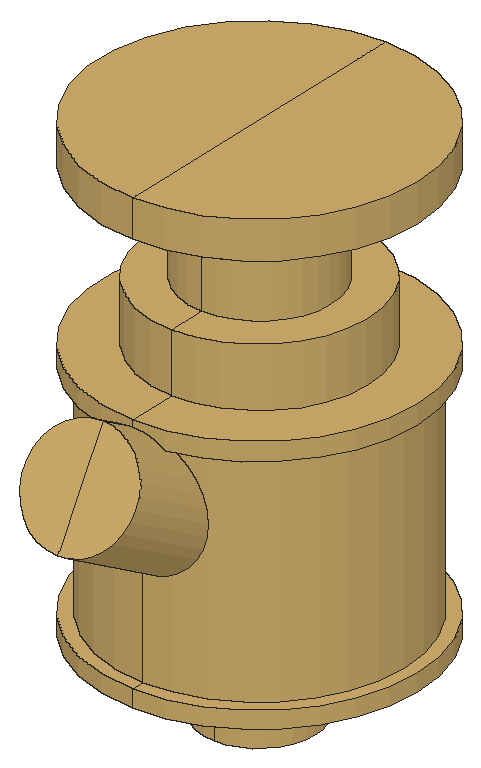
Revit family "Drain_Shutoffs-Boiler-WATTS-BD_Series", category Pipe Accessories, Revit 2019
Family settings
  Round Connector Dimension = Use Diameter
  Part Type = Valve - Breaks Into
  OmniClass Number = 23.65.55.14.17
  OmniClass Title = Adjusting/Controlling Valves for Liquid Services
  Work Plane-Based = No
  Always vertical = Yes
  Cut with Voids When Loaded = No
  Shared = Yes
Parameters (values of type "BD2 3/4"")
  Weight = "0.5lbs. (0.24kg.)"
  URL = "http://www.watts.com"
  Revised Date = "12/02/2024"  # constant formula
  Region = "North America"  # constant formula
  Product Page URL = "https://www.watts.com/products/plumbing-flow-control-solutions/hydronic-steam-heating/boiler-drains/bd"
  Product Documentation Link = "https://www.watts.com/dfsmedia/0533dbba17714b1ab581ab07a4cbb521/20302-source"
  Model = "BD2 3/4\""
  Maximum Temperature = "180°F (82°C)"  # constant formula
  Max. Working Pressure = "200psi (14 bar) WOG, non-shock\r"  # constant formula
  Materials = Metal-WATTS-Brass
  Manufacturer Product Line = "Water Safety & Flow Control"  # constant formula
  Manufacturer = "WATTS"  # constant formula
  Hose Connection = 3/4" / 2  # 3/8"
  Height = 3 9/16"
  Handle Width K = 2 1/8"
  Description = "Series BD Brass Boiler Drain Shutoffs for Water Service Sizes: 1⁄2\" x 3 ⁄4\" – 3 ⁄4\" x 3 ⁄4\""
  Creation Date = "01/17/2019"  # constant formula
  Country = "United States"  # constant formula
  Connection Type = "Male IP inlet, angle"
  Connection Size = 3/4"
  Connection Radius = Connection Size / 2  # 3/8"
  Connection Outlet Description = "3/4\" Outlet Connection"
  Connection Inlet Description = "3/4\" Inlet Connection"
  Center To Outlet Connection A = 1 1/2"
  Assembly Code = "D2090600"
  Angle-Straight = 30.00°
Types (8): name | Weight | Model | Height | Handle Width K | Connection Type | Connection Size | Connection Radius | Connection Inlet Description | Center To Outlet Connection A | Angle-Straight
  (no name) | "0.5lbs. (0.24kg.)" | "BD2 3/4\"" | 3 9/16" | 2 1/8" | "Male IP inlet, angle" | 3/4" | 3/8" | "3/4\" Inlet Connection" | 1 1/2" | 30.00°
  BD-1C 1/2" | "0.5lbs. (0.24kg.)" | "BD-1C 1/2\"" | 3 1/2" | 1 85/128" | "Male IP or Solder inlet, angle" | 1/2" | 1/4" | "1/2\" Inlet Connection" | 1 85/256" | 30.00°
  BD2 3/4" | "0.5lbs. (0.24kg.)" | "BD2 3/4\"" | 3 9/16" | 2 1/8" | "Male IP inlet, angle" | 3/4" | 3/8" | "3/4\" Inlet Connection" | 1 1/2" | 30.00°
  BD-2C 3/4" | "0.4lbs. (0.20kg.)" | "BD-2C 3/4\"" | 3 1/2" | 2 13/128" | "Male IP inlet, angle" | 3/4" | 3/8" | "3/4\" Inlet Connection" | 1 85/256" | 30.00°
  BD3F 1/2" | "0.5lbs. (0.24kg.)" | "BD3F 1/2\"" | 3 1/4" | 2 1/8" | "Female IP inlet, angle" | 1/2" | 1/4" | "1/2\" Inlet Connection" | 1 1/2" | 30.00°
  BD4F 3/4" | "0.5lbs. (0.24kg.)" | "BD4F 3/4\"" | 3 1/4" | 2 1/8" | "Female IP, angle" | 3/4" | 3/8" | "3/4\" Inlet Connection" | 1 1/2" | 30.00°
  BD5 1/2" | "0.4lbs. (0.20kg.)" | "BD5 1/2\"" | 2 15/16" | 2 1/8" | "Male IP or Solder, straight" | 1/2" | 1/4" | "1/2\" Inlet Connection" | 1 1/8" | 0.50°
  BD6 3/4" | "0.4lbs. (0.20kg.)" | "BD6 3/4\"" | 3 1/8" | 2 1/8" | "Male IP or Solder, straight" | 3/4" | 3/8" | "3/4\" Inlet Connection" | 1 1/8" | 0.50°
Reference planes (in)
  plane 1 "Center (Front/Back)": y = -0.01396
  plane 2: z = 0
  plane 3 "Center (Left/Right)": x = 0
  plane 4: z = -0.5
  plane 5: z = 3.0625
  plane 6: y = -1.51396
  plane 7: y = 1.04854
  plane 8: y = -1.07646
  plane 9: z = 0.64197
Forms (in)
  Revolve 1, solid, material "Metal-WATTS-Brass"
    sketch origin (0, 0, 0) x (0, 1, 0) y (0, 0, 1)
      loop
        line (-0.01396, 3.0625) -> (-1.07646, 3.0625) -> (-1.07646, 2.8125) -> (-0.74443, 2.8125) -> (-0.74443, 2.625) -> (-0.49443, 2.625) -> (-0.49443, 2.125) -> (-0.74443, 2.125) -> (-0.74443, 1.72796) -> (-1.07646, 1.72796) -> (-1.07646, 1.60746) -> (-0.9881, 1.60746) -> (-0.9881, 0.11335) -> (-1.07646, 0.11335) -> (-1.07646, 0) -> (-0.38896, 0) -> (-0.38896, -0.5) -> (-0.01396, -0.5) -> (-0.01396, 3.0625)
      axis (-0.01396, -0.5) -> (-0.01396, 3.0625)
    angle from 0 to 360
  Revolve 2, solid, material "Metal-WATTS-Brass"
    sketch origin (0, 0, 0) x (0, 1, 0) y (0, 0, 1)
      loop
        line (-0.01396, 0.64197) -> (-1.51396, 1.50799) -> (-1.70146, 1.18323) -> (-0.01396, 0.20895) -> (-0.01396, 0.64197)
      axis (0.17354, 0.53371) -> (-1.51396, 1.50799)
    angle from 0 to 360
Lines and regions (in)
  Masking region 1, detail levels fine
    outline origin (0, 0, 0) x (1, 0, 0) y (0, 1, 0)
      loop
        line (-0.375, -1.00808) -> (-0.375, -1.51396)
        spline (-0.375, -1.51396) -> (-0.36222, -1.56249) -> (-0.32476, -1.60771) -> (-0.26517, -1.64654) -> (-0.1875, -1.67634) -> (-0.09706, -1.69507) -> (0, -1.70146) -> (0.09706, -1.69507) -> (0.1875, -1.67634) -> (0.26517, -1.64654) -> (0.32476, -1.60771) -> (0.36222, -1.56249) -> (0.375, -1.51396)
        line (0.375, -1.51396) -> (0.375, -1.00808)
        arc (0.375, -1.00808) -> (0, 1.04854) -> (-0.375, -1.00808) r 1.0625
  Masking region 2, detail levels fine
    outline origin (0, 0, 0) x (0, 1, 0) y (0, 0, 1)
      loop
        line (-1.07646, 3.0625) -> (-1.07646, 2.8125) -> (-0.74443, 2.8125) -> (-0.74443, 2.625) -> (-0.49443, 2.625) -> (-0.49443, 2.125) -> (-0.74443, 2.125) -> (-0.74443, 1.72796) -> (-1.07646, 1.72796) -> (-1.07646, 1.60746) -> (-0.98519, 1.60746) -> (-0.98519, 0.11335) -> (-1.07646, 0.11335) -> (-1.07646, 0) -> (-0.38896, 0) -> (-0.38896, -0.5) -> (0.36104, -0.5) -> (0.36104, 0) -> (1.04854, 0) -> (1.04854, 0.11335) -> (0.96017, 0.11335) -> (0.96017, 1.60746) -> (1.04854, 1.60746) -> (1.04854, 1.72796) -> (0.71651, 1.72796) -> (0.71651, 2.125) -> (0.46651, 2.125) -> (0.46651, 2.625) -> (0.71651, 2.625) -> (0.71651, 2.8125) -> (1.04854, 2.8125) -> (1.04854, 3.0625) -> (-1.07646, 3.0625)
  reference lines
    curve 1: line (0, -0.01396, 0.64197) -> (0, -3.04505, 2.39197)
  model lines, style "PipeAccessory", detail levels coarse+medium
    curve 2: line (0, -0.01396, -0.5) -> (0, -0.01396, 0.36891)
    curve 3: line (0, 0.11447, 0.36891) -> (0, -0.13553, 0.36891)
    curve 4: line (0, -0.13553, 0.36891) -> (0, -0.01396, 0.64197)
    curve 5: line (0, 0.11447, 0.36891) -> (0, -0.01396, 0.64197)
    curve 6: line (0, -1.51396, 1.50799) -> (0, -0.01396, 0.64197)
    curve 7: line (0, 0.11447, 0.72752) -> (0, -0.13553, 0.72752)
    curve 8: line (0, -0.13553, 0.72752) -> (0, -0.01396, 0.64197)
    curve 9: line (0, 0.11447, 0.72752) -> (0, -0.01396, 0.64197)
    curve 10: line (0, 0.11447, 0.81021) -> (0, -0.13553, 0.81021)
    curve 11: line (0, -0.01396, 0.72752) -> (0, -0.01396, 0.81021)
    curve 12: arc (0, 0.11447, 0.81021) -> (0, -0.01053, 0.93521) -> (0, -0.13553, 0.81021) r 0.125
    curve 22: arc (0.05007, -0.2589, 0) -> (0.00119, 0.23604, 0) -> (-0.0524, -0.25841, 0) r 0.25
  symbolic lines, detail levels fine
    curve 13: arc (0.375, -1.00808, 0) -> (0, -1.07646, 0) -> (-0.375, -1.00808, 0) r 1.0625
    curve 14: line (0, -0.74443, 2.8125) -> (0, 0.71651, 2.8125)
    curve 15: line (0, -0.49443, 2.625) -> (0, 0.46651, 2.625)
    curve 16: line (0, -0.49443, 2.125) -> (0, 0.46651, 2.125)
    curve 17: line (0, -0.74443, 1.72796) -> (0, 0.71651, 1.72796)
    curve 18: line (0, -0.98519, 1.60746) -> (0, 0.96017, 1.60746)
    curve 19: line (0, -0.98519, 0.11335) -> (0, 0.96017, 0.11335)
    curve 20: line (0, -0.38896, 0) -> (0, 0.36104, 0)
  model lines, style "PipeAccessory"
    curve 21: line (0, -1.51396, 0) -> (0, -0.01396, 0)
Dimensions and locks (in)
  level to plane 4 = 1/2"
  "Height": plane 5 to plane 4
  "Center To Outlet Connection A": plane 1 "Center (Front/Back)" to plane 6
  equal spacing: plane 7, plane 1 "Center (Front/Back)", plane 8
  "Handle Width K": plane 7 to plane 8
  "Connection Radius": Revolve 1 sketch curve to Revolve 1 sketch curve
  locked: Revolve 1 sketch curve to Revolve 1 sketch curve at 0.1875
  Revolve 1 sketch curve to plane 8 = 0.08836"
  locked: Revolve 1 sketch curve to plane 8 at 0.33203
  locked: Revolve 1 sketch curve to plane 8 at 0.58203
  locked: Revolve 1 sketch curve to Revolve 1 sketch curve at 0.25
  locked: Revolve 1 sketch curve to Revolve 1 sketch curve at 0.5
  locked: Revolve 1 sketch curve to Revolve 1 sketch curve at 0.39704
  locked: Revolve 1 sketch curve to Revolve 1 sketch curve at 0.12051
  locked: Revolve 1 sketch curve to Revolve 1 sketch curve at 0.11335
  locked: Revolve 1 sketch curve to plane 8 at 0.08836
  "Hose Connection": Revolve 2 sketch curve to Revolve 2 sketch curve
  locked: Masking region 1 sketch curve to Masking region 1 sketch curve at 0.75
  "Angle-Straight": angle plane 9 to curve 1
  aligned and locked: plane 1 "Center (Front/Back)" to Revolve 1 sketch curve  (x2)
  aligned and locked: plane 4 to Revolve 1 sketch curve
  aligned and locked: plane 5 to Revolve 1 sketch curve
  aligned and locked: level to Revolve 1 sketch curve
  aligned and locked: Revolve 1 sketch curve to plane 8  (x2)
  aligned and locked: Revolve 1 sketch curve to Revolve 1 sketch curve
  aligned and locked: curve 1 to Revolve 2 sketch curve  (x2)
  aligned and locked: plane 6 to Revolve 2 sketch curve
  aligned and locked: plane 1 "Center (Front/Back)" to Revolve 2 sketch curve
  aligned and locked: plane 1 "Center (Front/Back)" to curve 2
  aligned and locked: plane 4 to curve 2
  aligned and locked: curve 6 to curve 1
  aligned and locked: plane 1 "Center (Front/Back)" to curve 6
  aligned and locked: plane 6 to curve 6
  aligned and locked: Masking region 1 sketch curve to Revolve 1
  aligned and locked: curve 13 to Revolve 1
  aligned and locked: Masking region 1 to curve 13  (x2)
  aligned and locked: Masking region 2 sketch curve to Revolve 1  (x18)
  aligned and locked: plane 7 to Masking region 2 sketch curve  (x3)
  aligned and locked: plane 8 to Masking region 2 sketch curve  (x3)
  aligned and locked: Masking region 2 sketch curve to Masking region 2 sketch curve  (x13)
  aligned and locked: Revolve 1 to Masking region 2 sketch curve
  aligned and locked: plane 4 to Masking region 2 sketch curve
  aligned and locked: Revolve 1 to curve 14
  aligned and locked: Revolve 1 to curve 15
  aligned and locked: Revolve 1 to curve 16
  aligned and locked: Revolve 1 to curve 17
  aligned and locked: Revolve 1 to curve 18
  aligned and locked: Revolve 1 to curve 19
  aligned and locked: Revolve 1 to curve 20
  aligned and locked: Masking region 2 to curve 20
  aligned and locked: curve 20 to Masking region 2
  aligned and locked: curve 19 to Masking region 2
  aligned and locked: Masking region 2 to curve 19
  aligned and locked: Masking region 2 to curve 18
  aligned and locked: curve 18 to Masking region 2
  aligned and locked: curve 17 to Masking region 2
  aligned and locked: Masking region 2 to curve 17
  aligned and locked: curve 16 to Masking region 2
  aligned and locked: Masking region 2 to curve 15
  aligned and locked: Masking region 2 to curve 16
  aligned and locked: curve 15 to Masking region 2
  aligned and locked: curve 14 to Masking region 2
  aligned and locked: Masking region 2 to curve 14
  aligned and locked: plane 3 "Center (Left/Right)" to curve 6
  aligned and locked: plane 3 "Center (Left/Right)" to curve 22
  aligned and locked: plane 1 "Center (Front/Back)" to curve 22
  aligned and locked: plane 6 to curve 21
  aligned and locked: plane 1 "Center (Front/Back)" to curve 9
  aligned and locked: plane 3 "Center (Left/Right)" to curve 21
Automatic sketch dimensions
  Revolve 1 sketch curve to plane 8 = 0"
  plane 5 to Revolve 1 sketch curve = 3/4"
  Revolve 1 sketch curve to Revolve 1 sketch curve = 1/2"
  Masking region 1 sketch curve to plane 3 "Center (Left/Right)" = 0"
  plane 6 to Masking region 1 sketch curve = 0"
  Masking region 2 sketch curve to plane 8 = 0.09127"
  curve 20 to level = 0"
  curve 11 to plane 1 "Center (Front/Back)" = 0"
  plane 1 "Center (Front/Back)" to curve 10 = 0.12157"
  plane 1 "Center (Front/Back)" to curve 3 = 0.12157"
  curve 8 to curve 11 = 0.12157"
  curve 11 to curve 12 = 0.00343"
  curve 2 to curve 3 = 0.12843"
  curve 9 to plane 1 "Center (Front/Back)" = 0.12843"
  curve 5 to plane 9 = 0.27306"
  plane 9 to curve 9 = 0.08556"
  curve 7 to curve 10 = 0.08269"
  level to curve 19 = 0.11335"
  curve 12 to curve 18 = 0.79725"
  curve 18 to curve 17 = 0.12051"
  curve 17 to curve 16 = 0.39704"
  curve 15 to plane 5 = 7/16"
  curve 15 to curve 14 = 3/16"
  plane 1 "Center (Front/Back)" to curve 21 = 0"
  curve 22 to plane 3 "Center (Left/Right)" = 0.0524"
  plane 3 "Center (Left/Right)" to curve 22 = 0.05007"
  plane 1 "Center (Front/Back)" to curve 22 = 0.24493"
  curve 1 to plane 1 "Center (Front/Back)" = 0"
  curve 1 to plane 9 = 0"
  plane 9 to Revolve 2 sketch curve = 0.02985"
  plane 9 to Revolve 2 sketch curve = 0.0247"
Connectors (in)
  piping at (0, -1.51396, 1.50799), diameter 0.75, driven by "Connection Outlet Description"
    settings: on Revolve 2, index 1, connector inside diameter 24", connector length 0", flow factor 0, pipe flow 0 GPM, pressure drop 0.00 psi, fitting loss kfactor 0, connector angle 0.00°, fixture units 0, engagement length 0", angle of deflection 0.00°, flow configuration 0, flow direction 2, fitting loss method 0, system type 29, joint type 0, gender type 0, connector reference index -1, connector utility 0, adjustable connector no, is connector primary yes, connector description "3/4\" Outlet Connection"
  piping at (0, -0.01396, -0.5), diameter 0.75, driven by "Connection Size", driven by "Connection Inlet Description"
    settings: on Revolve 1, index 2, connector inside diameter 24", connector length 0", flow factor 0, pipe flow 0 GPM, pressure drop 0.00 psi, fitting loss kfactor 0, connector angle 0.00°, fixture units 0, engagement length 0", angle of deflection 0.00°, flow configuration 0, flow direction 1, fitting loss method 0, system type 29, joint type 0, gender type 0, connector reference index -1, connector utility 0, adjustable connector no, is connector primary no, connector description "3/4\" Inlet Connection"
